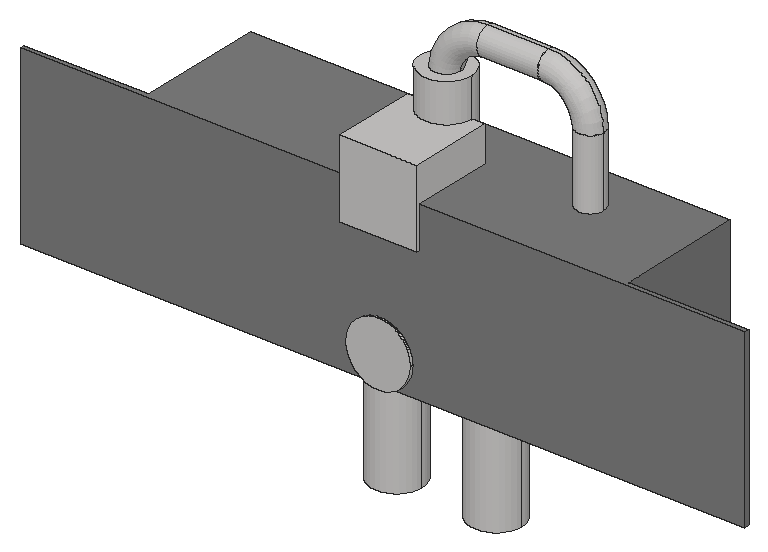
Revit family "2300", category Generic Models, Revit 2021
Family settings
  Can host rebar = No
  Round Connector Dimension = Use Diameter
  Part Type = Normal
  Work Plane-Based = No
  Always vertical = Yes
  Cut with Voids When Loaded = No
  Shared = No
  Room Calculation Point = No
Parameters (values of type "Standard")
  e-mail = "info@vola.com"
  URL = "http://vola.com"
  Telephone = "+45 7023 5500"
  Quality management standard = "ISO 9001"
  Organisation no. / DUNS no. = "17531328"
  Occupational health and safety management standard = "ISO 18001"
  Mounting Instructions = "http://vola.com/service/producturl.ashx?name=2300"
  Model = "2300"
  Materials and components information = "http://vola.com/service/producturl.ashx?name=2300"
  Manufacturer = "VOLA A/S"
  Maintenance Instructions = "http://vola.com/service/producturl.ashx?name=2300"
  Guarantee = "2 years"
  Flow = "25,00 l/min"
  Environmental management standard = "ISO 14000"
  Default Elevation = 0.00 mm
  Connection - All relevant connections = ""
  Approvals = "http://vola.com/service/producturl.ashx?name=2300"
Reference planes
  plane 1 "Center (Front/Back)": y = 0
  plane 2: z = 0
  plane 3 "Center (Left/Right)": x = 0
  plane 4 "Front Plane": y = -72.7
  plane 5 "Inlet Center Plane": y = -26.7
  plane 6: z = 167.5
Forms (mm)
  Extrusion 1, solid, material "Stainless Steel"
    sketch origin (1071.5, -3.5, 98.5) x (-1, 0, 0) y (0, 0, -1)
      loop
        line (1092.5, -90) -> (1092.5, -48) -> (1050.5, -48) -> (1050.5, -90) -> (1092.5, -90)
    from 23.2 to 69.2
  Extrusion 2, solid, material "Default"
    sketch origin (0, -1, 52.75) x (1, 0, 0) y (0, 1, 0)
      loop
        line (-127.5, 1) -> (-127.5, -68) -> (132.5, -68) -> (132.5, 1) -> (-127.5, 1)
    from 21.5 to 116.5
  Extrusion 3, solid, material "Stainless Steel"
    sketch origin (0, -1.7, 74.25) x (0, 1, 0) y (1, 0, 0)
      loop
        circle (-25, 27) r 14
    from 0 to 74.25
  Extrusion 4, solid, material "Stainless Steel"
    sketch origin (-54, -1.7, 74.25) x (0, 1, 0) y (1, 0, 0)
      loop
        circle (-25, 27) r 14
    from 0 to 74.25
  Extrusion 5, solid, material "Default"
    sketch origin (0, -1, 52.75) x (1, 0, 0) y (0, 1, 0)
      loop
        line (-195, -68) -> (-195, -70.5) -> (197.5, -70.5) -> (197.5, -68) -> (-195, -68)
    from 21.5 to 116.5
  Extrusion 6, solid, material "Stainless Steel"
    sketch origin (1071.5, -3.5, 20.5) x (-1, 0, 0) y (0, 0, -1)
      loop
        circle (1071.5, -69) r 17.5
    from 7.25 to 69.2
  Extrusion 7, solid, material "Stainless Steel"
    sketch origin (0, -1, 169.25) x (1, 0, 0) y (0, 1, 0)
      loop
        circle (0, -25.7) r 14
    from 0 to 40.25
  Extrusion 8, void
    sketch origin (0, 0, 0) x (0, 1, 0) y (0, 0, 1)
      loop
        line (0, 169.25) -> (-71.5, 169.25) -> (-71.5, 74.25) -> (0, 74.25) -> (0, 169.25)
    from -27 to 30.523
  Sweep 9, solid, material "Stainless Steel"
    path origin (0, -26.7, 0) x (-1, 0, 0) y (0, 0, 1)
      loop
        arc (0, 207) -> (-6.59, 222.91) -> (-22.5, 229.5) r 22.5
        line (-22.5, 229.5) -> (-55.5, 229.5)
        arc (-55.5, 229.5) -> (-71.41, 222.91) -> (-78, 207) r 22.5
        line (-78, 207) -> (-78, 169.25)
    profile origin (39, -26.7, 229.5) x (0, 0, -1) y (0, 1, 0)
      loop
        circle (0, 0) r 7.5
Cuts and joins
  joined: Extrusion 2, Extrusion 5
  Extrusion 8 cuts Extrusion 1
  joined: Extrusion 1, Extrusion 7, Sweep 9
  Extrusion 8 cuts Extrusion 6
Lines and regions (mm)
  reference lines
    curve 1: line (0, -26, 167.5) -> (0, -123.5, 167.5)
    curve 2: line (-27, -26.7, 167.5) -> (-27, -26.7, 22.75)
    curve 3: line (27, -26.7, 167.5) -> (27, -26.7, 22.75)
    curve 4: line (0, -26, 89.5) -> (0, -123.5, 89.5)
Dimensions and locks
  aligned and locked: plane 2 to level
  aligned and locked: plane 6 to curve 3
  aligned and locked: plane 6 to curve 2
  aligned and locked: Extrusion 2 to Extrusion 5
  aligned and locked: Extrusion 5 to Extrusion 2
